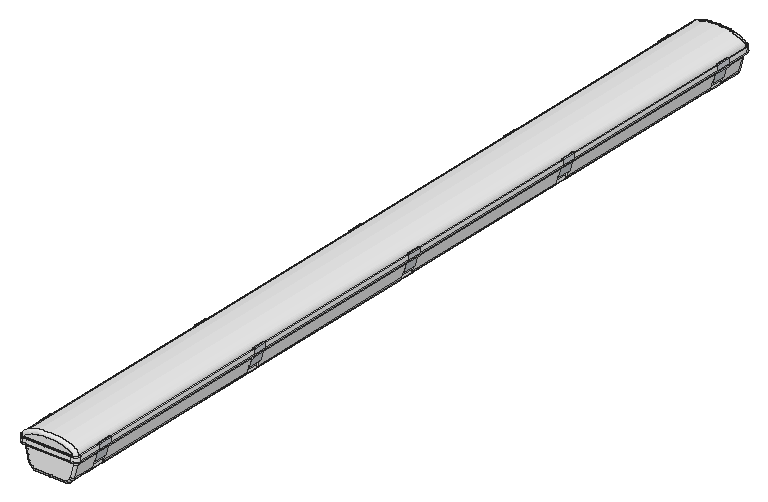
Revit family "0048808 Sylvania Lighting Fixture HYDROPROOF LED G3 1500MM T 4K D E3", category Lighting Fixtures, host Face, Revit 2016
Family settings
  Host = Face
  Part Type = Normal
  Round Connector Dimension = Use Diameter
  OmniClass Number = 23.80.70.11.14
  OmniClass Title = General Luminaries, Directional
  Cut with Voids When Loaded = No
  Light Source = Yes
  Shared = No
  Room Calculation Point = No
Parameters (values of type "0048808 HYDROPROOF LED G3 1500MM T 4K D E3")
  Width = 110 mm
  Weight = "2.97 kg"
  Wattage Comments = "n/a"
  Wattage = 49 W
  WarrantyStartDate [instance] = "n/a"
  WarrantyGuarantorParts = "n/a"
  WarrantyDurationUnit = "n/a"
  WarrantyDurationParts = "n/a"
  WarrantyDescription = "n/a"
  built-in parameter 1150110 = 1 (stored number, unit not read)
  Voltage = 230 V
  URL = "http://www.sylvania-lighting.com"
  TypeName = "HYDROPROOF LED G3 1500MM T 4K D E3"
  Type Image = <None>
  Type Comments = "n/a"
  built-in parameter 1114217 = 1 (stored number, unit not read)
  Tilt Angle = -90.00°
  built-in parameter 1150109 = 1 (stored number, unit not read)
  built-in parameter 1150134 = 12
  built-in parameter 1150113 = 1 (stored number, unit not read)
  SerialNumber [instance] = "n/a"
  ReflectorMaterial = none
  PowerFactor = 0
  PowerConsumption = "49 W"
  Photometric Web File = "0048808.ies"
  NominalWidth = 0 mm
  NominalLength = 1578 mm
  NominalHeight = 78 mm
  Name = "HYDROPROOF LED G3 1500MM T 4K D E3"
  ModelReference = "HYDROPROOF LED G3 1500MM T 4K D E3"
  ModelNumber = "0048808"
  Model = "HYDROPROOF LED G3 1500MM T 4K D E3"
  Material = "grp housing, pmma diffuser"
  ManufacturerName = "Feilo Sylvania"
  Manufacturer = "Feilo Sylvania"
  LuminousEfficacy = "140 lm/W"
  built-in parameter 1150105 = 545.9 (stored number, unit not read)
  Lumens = 6860 lm
  LuminaireType = ""
  built-in parameter 1150115 = 1 (stored number, unit not read)
  LightOutputRatio = "n/a"
  built-in parameter 1150137 = (empty or 0)
  built-in parameter 1150139 = (empty or 0)
  Length = 1572 mm
  LampsType = Lamp  # "LED"
  LampNominalLuminous = "6900 lm"
  LampMacAdamStep = "3"
  LampColourTemperature = "4000 K"
  LampColourRenderingIndex = "80"
  built-in parameter 1150112 = 1 (stored number, unit not read)
  built-in parameter 1150114 = 1 (stored number, unit not read)
  Lamp = "LED"
  Keynote = "16500"
  InstallationDate [instance] = "n/a"
  InputVoltage = "220-240V~"
  InputNominalFrequency = "DC/50/60 Hz"
  built-in parameter 1150132 = (empty or 0)
  built-in parameter 1150102 = (empty or 0)
  built-in parameter 1150107 = 4000 (stored number, unit not read)
  built-in parameter 1150138 = (empty or 0)
  IngressProtection = "IP65"
  ImpactProtectionIndex = "IK02"
  built-in parameter 1150106 = 5.459 (stored number, unit not read)
  IfcExportType = "IfcLightFixtureType"
  IfcExportAs = "IfcLightFixtureType"
  ExpectedLife = 50000
  Emit from Rectangle Width = Width - 20 mm  # 90 mm
  Emit from Rectangle Length = Length - 20 mm  # 1552 mm
  Emit Shape Visible in Rendering = no
  ElectricShockClassification = "Class I"
  built-in parameter 1150104 = 13.006 (stored number, unit not read)
  DurationUnit = "hours"
  DocumentationLiterature = "http://www.sylvania-lighting.com/product/en-int/products/0048808"
  DimmingControlOptions = "Dimmable"
  Dimming Lamp Color Temperature Shift = <None>
  DiffuserMaterial = Diffuser-Sylvania-Transparent
  Description = "Hydroproof, integrated LED chemical resistant weatherproof luminaire, with UV stabilized flat diffuser and linear prisms designed to achieve uniform lit appearance, optimise light output and to reduce glare, stainless steel diffuser clips and fixing brackets for surface and wall mounting. L 1578 mm x W 110 mm x H 78 mm size, GRP housing, PMMA diffuser, DALI dimmable, 3 hour emergency, 4000K, CRI80,  6900 lm, 49 W, 140 lm/W, nominal average life (h):50000, energy class: A++ A+ A Class I,IK02, IP65."
  Default Elevation = 1219.2 mm
  CreatedOn = "3/27/2018"
  CreatedBy = "aron.fodor@feilosylvania.com"
  Cost = 0
  Color Filter = 16777215
  built-in parameter 1114216 [instance] = (empty or 0)
  ClassificationValue = "EF_70_80"
  ClassificationName = "Uniclass2015"
  BodyMaterial = Body-Sylvania-Gray
  BarCode [instance] = "n/a"
  built-in parameter 1114218 = 1 (stored number, unit not read)
  built-in parameter 1150133 = 10 (stored number, unit not read)
  AssetType = "Fixed"
  AssetIdentifier [instance] = "n/a"
  Assembly Code = "D5020200"
  Apparent Load = 49 VA
  AccessoryMaterial = Diffuser-Sylvania-Glow
Types (2, lengths in mm): name | Wattage | PowerConsumption | Photometric Web File | built-in parameter 1150105 | Lumens | LampNominalLuminous | built-in parameter 1150106 | Apparent Load
  0048808 HYDROPROOF LED G3 1500MM T 4K D E3 | 49 W | "49 W" | "0048808.ies" | 545.9 (stored number, unit not read) | 6860 lm | "6900 lm" | 5.459 (stored number, unit not read) | 49 VA
  0048808 HYDROPROOF LED G3 1500MM T 4K D E3 Emergency mode | 1.64286 W | "1.64 W" | "0048808EM.ies" | 18.303 (stored number, unit not read) | 230 lm | "230 lm" | 0.18303 (stored number, unit not read) | 1.64286 VA
Reference planes
  plane 1 "Center (Front/Back)": y = 0
  plane 2: z = 0
  plane 3 "Center (Left/Right)": x = 0
  plane 4: z = 54
  plane 5: x = -27.7
  plane 6: x = -34.8
  plane 7: x = -39.6
  plane 8: x = -42.2
  plane 9: z = 3
  plane 10: z = 7.8
  plane 11: z = 12.3
  plane 12: z = 36.6
  plane 13: z = 42.8
  plane 14: x = -51.1
  plane 15: z = 46.2
  plane 16: x = -55
  plane 17: y = 786
  plane 18: y = -786
  plane 19: x = 27.7
  plane 20: x = 34.8
  plane 21: x = 39.6
  plane 22: x = 42.2
  plane 23: x = 51.1
  plane 24: x = 55
  plane 25: y = 778.4
  plane 26: y = -778.4
  plane 27: y = -774.7
  plane 28: y = 774.7
  plane 29: z = 74
  plane 30: x = -51.5
  plane 31: x = 51.5
  plane 32: z = 55.2
  plane 33: y = -782.5
  plane 34: y = 782.5
  plane 35: x = -37.5
  plane 36: x = 37.5
  plane 37: x = -48.7
  plane 38: x = 48.7
  plane 39: x = 18
  plane 40: x = -18
  plane 41: z = 50.2
  plane 42: z = 24.6
  plane 43: y = 720
  plane 44: y = 706
  plane 45: y = 734
  plane 46: y = -720
  plane 47: y = 720
  plane 48: y = 706
  plane 49: y = 734
  plane 50: y = -720
  plane 51: y = -734
  plane 52: y = -706
  plane 53: y = 360
  plane 54: y = 346
  plane 55: y = 374
  plane 56: y = 0
  plane 57: y = -14
  plane 58: y = 14
  plane 59: y = -360
  plane 60: y = -374
  plane 61: y = -346
Forms (mm)
  Sweep 1, solid, material "Body-Sylvania-Gray" <- "BodyMaterial", detail levels medium+fine
    path origin (1223.4, -4572, 54) x (0, -1, 0) y (1, 0, 0)
      loop
        arc (-3796, -1278.4) -> (-3788.929, -1275.471) -> (-3786, -1268.4) r 10
        line (-3786, -1268.4) -> (-3786, -1178.4)
        arc (-3786, -1178.4) -> (-3788.929, -1171.329) -> (-3796, -1168.4) r 10
        line (-3796, -1168.4) -> (-5348, -1168.4)
        arc (-5348, -1168.4) -> (-5355.071, -1171.329) -> (-5358, -1178.4) r 10
        line (-5358, -1178.4) -> (-5358, -1268.4)
        arc (-5358, -1268.4) -> (-5355.071, -1275.471) -> (-5348, -1278.4) r 10
        line (-5348, -1278.4) -> (-3796, -1278.4)
    profile origin (-55, 0, 54) x (-1, 0, 0) y (0, 0, 1)
      loop
        line (0, 0) -> (-1, 0) -> (-1, -7.726)
        arc (-1, -7.726) -> (-1.994, -9.498) -> (-3.9, -10.2) r 2.937
        line (-3.9, -10.2) -> (-8.571, -10.2) -> (-8.571, -11.2) -> (-3.9, -11.2)
        arc (-3.9, -11.2) -> (-1.313, -10.231) -> (0, -7.8) r 3.937
        line (0, -7.8) -> (0, 0)
  Sweep 2, solid, material "Body-Sylvania-Gray" <- "BodyMaterial", detail levels medium+fine
    path origin (0, 0, 0) x (1, 0, 0) y (0, 0, 1)
      loop
        line (48.7, 42.8) -> (48.7, 36.6) -> (42.203, 12.31)
        arc (42.203, 12.31) -> (41.199, 9.884) -> (39.6, 7.8) r 10.052
        line (39.6, 7.8) -> (34.8, 3)
        arc (34.8, 3) -> (31.554, 0.781) -> (27.7, 0) r 9.902
        line (27.7, 0) -> (0, 0) -> (-27.7, 0)
        arc (-27.7, 0) -> (-31.554, 0.781) -> (-34.8, 3) r 9.902
        line (-34.8, 3) -> (-39.6, 7.8)
        arc (-39.6, 7.8) -> (-41.199, 9.884) -> (-42.203, 12.31) r 10.052
        line (-42.203, 12.31) -> (-48.7, 36.6) -> (-48.7, 42.8)
    profile origin (0, 0, 0) x (0, 0, -1) y (0, -1, 0)
      loop
        arc (0, 773.4) -> (-1.464, 776.936) -> (-5, 778.4) r 5
        line (-5, 778.4) -> (-7.8, 778.4) -> (-7.8, -778.4) -> (-5, -778.4)
        arc (-5, -778.4) -> (-1.464, -776.936) -> (0, -773.4) r 5
        line (0, -773.4) -> (0, 773.4)
  Extrusion 3, solid, material "Body-Sylvania-Gray" <- "BodyMaterial", detail levels medium+fine
    sketch origin (1524, 778.4, 1219.2) x (1, 0, 0) y (0, 0, 1)
      loop
        arc (-1558.668, -1204.874) -> (-1558.443, -1205.418) -> (-1558.085, -1205.885) r 2.252
        line (-1558.085, -1205.885) -> (-1553.231, -1210.738)
        arc (-1553.231, -1210.738) -> (-1552.534, -1211.227) -> (-1551.7, -1211.4) r 2.102
        line (-1551.7, -1211.4) -> (-1496.3, -1211.4)
        arc (-1496.3, -1211.4) -> (-1495.466, -1211.227) -> (-1494.769, -1210.738) r 2.102
        line (-1494.769, -1210.738) -> (-1489.915, -1205.885)
        arc (-1489.915, -1205.885) -> (-1489.557, -1205.418) -> (-1489.332, -1204.874) r 2.252
        line (-1489.332, -1204.874) -> (-1483.1, -1181.575) -> (-1483.1, -1176.4) -> (-1564.9, -1176.4) -> (-1564.9, -1181.575) -> (-1558.668, -1204.874)
    from 0 to 1556.8
  Sweep 4, solid, material "Diffuser-Sylvania-Transparent" <- "DiffuserMaterial", detail levels medium+fine
    path origin (0, 0, 0) x (1, 0, 0) y (0, 0, 1)
      loop
        spline (-51.5, 55.2) -> (-49.745, 60.066) -> (-44.6, 64.6) -> (-36.416, 68.494) -> (-25.75, 71.481) -> (-13.329, 73.359) -> (0, 74) -> (13.329, 73.359) -> (25.75, 71.481) -> (36.416, 68.494) -> (44.6, 64.6) -> (49.745, 60.066) -> (51.5, 55.2)
    profile origin (51.5, 0, 55.2) x (0, -1, 0) y (1, 0, 0)
      loop
        arc (782.5, -5.5) -> (780.889, -1.611) -> (777, 0) r 5.5
        line (777, 0) -> (-777, 0)
        arc (-777, 0) -> (-780.889, -1.611) -> (-782.5, -5.5) r 5.5
        line (-782.5, -5.5) -> (-782.5, -6.3) -> (-781.5, -6.3) -> (-781.5, -5.5)
        arc (-781.5, -5.5) -> (-780.182, -2.318) -> (-777, -1) r 4.5
        line (-777, -1) -> (777, -1)
        arc (777, -1) -> (780.182, -2.318) -> (781.5, -5.5) r 4.5
        line (781.5, -5.5) -> (781.5, -6.347) -> (782.5, -6.347) -> (782.5, -5.5)
  Extrusion 5, solid, material "Diffuser-Sylvania-Transparent" <- "DiffuserMaterial", detail levels medium+fine
    sketch origin (1524, -782.5, 1219.2) x (1, 0, 0) y (0, 0, 1)
      loop
        line (-1569.653, -1164) -> (-1478.347, -1164)
        spline (-1478.347, -1164) -> (-1478.969, -1162.594) -> (-1482.527, -1159.545) -> (-1489.588, -1156.201) -> (-1499.458, -1153.445) -> (-1511.242, -1151.663) -> (-1524, -1151.049) -> (-1536.758, -1151.663) -> (-1548.542, -1153.445) -> (-1558.412, -1156.201) -> (-1565.473, -1159.545) -> (-1569.031, -1162.594) -> (-1569.653, -1164)
    from 0 to -1
  Extrusion 6, solid, material "Diffuser-Sylvania-Transparent" <- "DiffuserMaterial", detail levels medium+fine
    sketch origin (1524, 782.5, 1219.2) x (1, 0, 0) y (0, 0, 1)
      loop
        spline (-1478.3, -1164) -> (-1478.931, -1162.565) -> (-1482.502, -1159.505) -> (-1489.572, -1156.155) -> (-1499.446, -1153.394) -> (-1511.236, -1151.614) -> (-1524, -1151.007) -> (-1536.764, -1151.614) -> (-1548.554, -1153.394) -> (-1558.428, -1156.155) -> (-1565.498, -1159.505) -> (-1569.069, -1162.565) -> (-1569.7, -1164)
        line (-1569.7, -1164) -> (-1478.3, -1164)
    from 0 to 1
  Extrusion 7, solid, material "Diffuser-Sylvania-Transparent" <- "DiffuserMaterial", detail levels medium+fine
    sketch origin (1223.4, -4572, 55.2) x (0, -1, 0) y (-1, 0, 0)
      loop
        arc (-5353.5, 1177.4) -> (-5352.182, 1174.218) -> (-5349, 1172.9) r 4.5
        line (-5349, 1172.9) -> (-3795, 1172.9)
        arc (-3795, 1172.9) -> (-3791.818, 1174.218) -> (-3790.5, 1177.4) r 4.5
        line (-3790.5, 1177.4) -> (-3790.5, 1269.4)
        arc (-3790.5, 1269.4) -> (-3791.818, 1272.582) -> (-3795, 1273.9) r 4.5
        line (-3795, 1273.9) -> (-5349, 1273.9)
        arc (-5349, 1273.9) -> (-5352.182, 1272.582) -> (-5353.5, 1269.4) r 4.5
        line (-5353.5, 1269.4) -> (-5353.5, 1177.4)
      loop
        line (-5358, 1268.4) -> (-5358, 1178.4)
        arc (-5358, 1178.4) -> (-5355.071, 1171.329) -> (-5348, 1168.4) r 10
        line (-5348, 1168.4) -> (-3796, 1168.4)
        arc (-3796, 1168.4) -> (-3788.929, 1171.329) -> (-3786, 1178.4) r 10
        line (-3786, 1178.4) -> (-3786, 1268.4)
        arc (-3786, 1268.4) -> (-3788.929, 1275.471) -> (-3796, 1278.4) r 10
        line (-3796, 1278.4) -> (-5348, 1278.4)
        arc (-5348, 1278.4) -> (-5355.071, 1275.471) -> (-5358, 1268.4) r 10
    from 0 to 1.2
  Extrusion 8, solid, material "Diffuser-Sylvania-Glow" <- "AccessoryMaterial", detail levels fine
    sketch origin (0, 0, 0) x (1, 0, 0) y (0, 0, 1)
      loop
        circle (-18, 50.2) r 8
      loop
        circle (18, 50.2) r 8
    from -774.7 to 774.7
  Extrusion 9, void
    sketch origin (0, 720, 2343.807) x (0, 0, -1) y (-1, 0, 0)
      loop
        line (2340.807, -37.5) -> (2331.507, -37.5) -> (2319.207, -42.2) -> (2319.207, -48.7) -> (2340.807, -48.7) -> (2340.807, -37.5)
      loop
        line (2340.807, 37.5) -> (2340.807, 48.7) -> (2319.207, 48.7) -> (2319.207, 42.2) -> (2331.507, 37.5) -> (2340.807, 37.5)
    from -14 to 14
  Extrusion 10, solid, material "Body-Sylvania-Gray" <- "BodyMaterial", detail levels coarse
    sketch origin (0, 0, 0) x (1, 0, 0) y (0, 0, 1)
      loop
        line (55, 42.8) -> (55, 55.2) -> (-55, 55.2) -> (-55, 42.791) -> (-42.2, 0) -> (42.2, 0) -> (55, 42.8)
    from -786 to 786
  Extrusion 11, solid, material "Diffuser-Sylvania-Transparent" <- "DiffuserMaterial", detail levels coarse
    sketch origin (0, 0, 0) x (1, 0, 0) y (0, 0, 1)
      loop
        arc (51.5, 55.2) -> (0, 74) -> (-51.5, 55.2) r 79.939
        line (-51.5, 55.2) -> (51.5, 55.2)
    from 778.4 to -778.4
  Extrusion 12, void, not visible
    sketch origin (0, 720, 2343.807) x (0, 0, -1) y (-1, 0, 0)
      loop
        line (2340.807, -37.5) -> (2331.507, -37.5) -> (2319.207, -42.2) -> (2319.207, -48.7) -> (2340.807, -48.7) -> (2340.807, -37.5)
      loop
        line (2340.807, 37.5) -> (2340.807, 48.7) -> (2319.207, 48.7) -> (2319.207, 42.2) -> (2331.507, 37.5) -> (2340.807, 37.5)
    from -14 to 14
  Extrusion 13, void
    sketch origin (0, -720, 2343.807) x (0, 0, -1) y (-1, 0, 0)
      loop
        line (2340.807, -37.5) -> (2331.507, -37.5) -> (2319.207, -42.2) -> (2319.207, -48.7) -> (2340.807, -48.7) -> (2340.807, -37.5)
      loop
        line (2340.807, 37.5) -> (2340.807, 48.7) -> (2319.207, 48.7) -> (2319.207, 42.2) -> (2331.507, 37.5) -> (2340.807, 37.5)
    from -14 to 14
  Extrusion 14, void
    sketch origin (0, 360, 2343.807) x (0, 0, -1) y (-1, 0, 0)
      loop
        line (2340.807, -37.5) -> (2331.507, -37.5) -> (2319.207, -42.2) -> (2319.207, -48.7) -> (2340.807, -48.7) -> (2340.807, -37.5)
      loop
        line (2340.807, 37.5) -> (2340.807, 48.7) -> (2319.207, 48.7) -> (2319.207, 42.2) -> (2331.507, 37.5) -> (2340.807, 37.5)
    from -14 to 14
  Extrusion 15, void
    sketch origin (0, 0, 2343.807) x (0, 0, -1) y (-1, 0, 0)
      loop
        line (2340.807, -37.5) -> (2331.507, -37.5) -> (2319.207, -42.2) -> (2319.207, -48.7) -> (2340.807, -48.7) -> (2340.807, -37.5)
      loop
        line (2340.807, 37.5) -> (2340.807, 48.7) -> (2319.207, 48.7) -> (2319.207, 42.2) -> (2331.507, 37.5) -> (2340.807, 37.5)
    from -14 to 14
  Extrusion 16, void
    sketch origin (0, -360, 2343.807) x (0, 0, -1) y (-1, 0, 0)
      loop
        line (2340.807, -37.5) -> (2331.507, -37.5) -> (2319.207, -42.2) -> (2319.207, -48.7) -> (2340.807, -48.7) -> (2340.807, -37.5)
      loop
        line (2340.807, 37.5) -> (2340.807, 48.7) -> (2319.207, 48.7) -> (2319.207, 42.2) -> (2331.507, 37.5) -> (2340.807, 37.5)
    from -14 to 14
Cuts and joins
  Extrusion 9, Extrusion 13, Extrusion 14, Extrusion 15, Extrusion 16 cuts Sweep 2
  Extrusion 13, Extrusion 14, Extrusion 15, Extrusion 16 cuts Extrusion 3
  joined: Sweep 2, Extrusion 3
  joined: Sweep 4, Extrusion 5, Extrusion 6
Dimensions and locks
  locked: plane 4 to plane 2 at 54
  plane 5 to plane 6 to plane 7 to plane 8 to plane 14 to plane 16 = 7.1 mm locked, 4.8 mm locked, 2.6 mm locked, 8.9 mm, 3.9 mm
  plane 4 to plane 15 to plane 13 to plane 12 to plane 11 to plane 10 to plane 9 = 7.8 mm locked, 3.4 mm, 6.2 mm locked, 24.3 mm locked, 4.5 mm locked, 4.8 mm locked
  equal spacing: plane 18, plane 1 "Center (Front/Back)", plane 17
  "Length": plane 18 to plane 17
  plane 19 to plane 20 to plane 21 to plane 22 to plane 23 to plane 24 = 7.1 mm locked, 4.8 mm locked, 2.6 mm locked, 8.9 mm, 3.9 mm
  equal spacing: plane 24, plane 3 "Center (Left/Right)", plane 16
  "Width": plane 24 to plane 16
  equal spacing: plane 27, plane 1 "Center (Front/Back)", plane 28
  locked: plane 26 to plane 27 at 3.7
  locked: Sweep 1 sketch curve to profile plane at 1
  locked: Sweep 1 sketch curve to plane 13 at 1
  locked: Sweep 1 sketch curve to plane 13 at 3.937  (x2)
  locked: Sweep 1 sketch curve to profile plane at 3.9  (x2)
  locked: plane 29 to plane 4 at 20
  equal spacing: plane 31, plane 3 "Center (Left/Right)", plane 30
  locked: plane 30 to plane 16 at 3.5
  locked: plane 32 to plane 4 at 1.2
  equal spacing: plane 33, plane 1 "Center (Front/Back)", plane 34
  equal spacing: plane 36, plane 3 "Center (Left/Right)", plane 35
  locked: plane 3 "Center (Left/Right)" to plane 35 at 37.5
  locked: plane 34 to plane 17 at 3.5
  equal spacing: plane 38, plane 3 "Center (Left/Right)", plane 37
  locked: plane 37 to plane 16 at 6.3
  equal spacing: plane 25, plane 1 "Center (Front/Back)", plane 26
  locked: plane 17 to plane 25 at 7.6
  locked: Sweep 2 sketch curve to plane 2 at 5  (x2)
  locked: Sweep 2 sketch curve to plane 26 at 5
  locked: plane 25 to Sweep 2 sketch curve at 5
  locked: Sweep 4 sketch curve to plane 31 at 5.5  (x2)
  locked: Sweep 4 sketch curve to plane 34 at 5.5
  plane 33 to Sweep 4 sketch curve = 5.5 mm
  locked: plane 34 to Sweep 4 sketch curve at 1
  locked: Sweep 4 sketch curve to plane 31 at 1
  locked: Sweep 4 sketch curve to Sweep 4 sketch curve at 1
  locked: Sweep 4 sketch curve to plane 31 at 6.347
  locked: Sweep 4 sketch curve to plane 31 at 6.3
  equal spacing: plane 39, plane 3 "Center (Left/Right)", plane 40
  locked: plane 3 "Center (Left/Right)" to plane 40 at 18
  locked: plane 42 to plane 2 at 24.6
  plane 45 to plane 43 to plane 44 = 14 mm locked, 14 mm locked
  locked: plane 17 to plane 43 at 66
  equal spacing: plane 43, plane 1 "Center (Front/Back)", plane 46
  plane 49 to plane 47 to plane 48 = 14 mm locked, 14 mm locked
  plane 52 to plane 50 to plane 51 = 14 mm locked, 14 mm locked  (x2)
  equal spacing: group 1, group 6, group 7, group 8, group 5  (x2)
  equal spacing: group 5, group 8, group 7, group 6, group 1
  plane 55 to plane 53 to plane 54 = 14 mm locked, 14 mm locked  (x2)
  plane 58 to plane 56 to plane 57 = 14 mm locked, 14 mm locked  (x2)
  plane 61 to plane 59 to plane 60 = 14 mm locked, 14 mm locked  (x2)
  plane 43 to plane 53 to plane 1 "Center (Front/Back)" to plane 59 to plane 50 = 360 mm locked, 360 mm locked, 360 mm locked, 360 mm locked
  aligned and locked: plane 2 to host face
  aligned and locked: level to host face
  aligned and locked: plane 16 to Sweep 1 sketch curve
  aligned and locked: Sweep 1 sketch curve to plane 24
  aligned and locked: plane 18 to Sweep 1 sketch curve
  aligned and locked: Sweep 1 sketch curve to plane 13
  aligned and locked: profile plane to Sweep 1 sketch curve
  aligned and locked: plane 3 "Center (Left/Right)" to Sweep 2 sketch curve
  aligned and locked: plane 9 to Sweep 2 sketch curve
  aligned and locked: plane 10 to Sweep 2 sketch curve
  aligned and locked: plane 37 to Sweep 2 sketch curve
  aligned and locked: plane 12 to Sweep 2 sketch curve
  aligned and locked: Sweep 2 sketch curve to level
  aligned and locked: plane 21 to Sweep 2 sketch curve
  aligned and locked: plane 38 to Sweep 2 sketch curve
  aligned and locked: profile plane to Sweep 2 sketch curve
  aligned and locked: plane 25 to Sweep 2 sketch curve
  aligned and locked: Sweep 2 sketch curve to plane 10
  aligned and locked: Extrusion 3 sketch curve to Sweep 2  (x7)
  aligned and locked: Sweep 2 to Extrusion 3 sketch curve
  aligned and locked: Extrusion 3 to plane 25
  aligned and locked: plane 26 to Extrusion 3
  aligned and locked: plane 32 to Sweep 4 sketch curve
  aligned and locked: plane 33 to Sweep 4 sketch curve
  aligned and locked: Sweep 4 to Extrusion 5
  aligned and locked: plane 33 to Extrusion 5
  aligned and locked: Extrusion 5 sketch curve to Sweep 4
  aligned and locked: cut or joined group of Sweep 4, Extrusion 5, Extrusion 6 to Extrusion 6 sketch curve
  aligned and locked: Extrusion 7 sketch curve to cut or joined group of Sweep 4, Extrusion 5, Extrusion 6  (x2)
  aligned and locked: cut or joined group of Sweep 4, Extrusion 5, Extrusion 6 to Extrusion 7 sketch curve  (x2)
  aligned and locked: plane 41 to Extrusion 8 sketch curve  (x2)
  aligned and locked: plane 39 to Extrusion 8 sketch curve
  aligned and locked: plane 27 to Extrusion 8
  aligned and locked: Extrusion 8 to plane 28
  aligned and locked: Extrusion 9 to plane 42
  aligned and locked: plane 9 to Extrusion 9
  aligned and locked: plane 44 to Extrusion 9
  aligned and locked: Extrusion 9 to plane 45
  aligned and locked: Extrusion 7 sketch curve to Sweep 1  (x4)
  aligned and locked: plane 4 to Extrusion 7
  aligned and locked: Extrusion 7 to plane 32
  aligned and locked: nested 2 to plane 43
  aligned and locked: plane 43 to nested 1
  aligned and locked: Extrusion 10 sketch curve to plane 24
  aligned and locked: Extrusion 10 sketch curve to Extrusion 7
  aligned and locked: plane 8 to Extrusion 10 sketch curve
  aligned and locked: plane 22 to Extrusion 10 sketch curve
  aligned and locked: level to Extrusion 10 sketch curve
  aligned and locked: Extrusion 10 to plane 17
  aligned and locked: plane 18 to Extrusion 10
  aligned and locked: cut or joined group of Sweep 4, Extrusion 5, Extrusion 6 to Extrusion 11 sketch curve
  aligned and locked: Extrusion 11 sketch curve to cut or joined group of Sweep 4, Extrusion 5, Extrusion 6  (x2)
  aligned and locked: plane 31 to Extrusion 11 sketch curve
  aligned and locked: plane 30 to Extrusion 11 sketch curve
  aligned and locked: plane 26 to Extrusion 11
  aligned and locked: Extrusion 11 to plane 25
  aligned and locked: imposter light to plane 29
  aligned and locked: plane 3 "Center (Left/Right)" to imposter light
  aligned and locked: plane 1 "Center (Front/Back)" to imposter light
  aligned and locked: plane 51 to Extrusion 13
  aligned and locked: Extrusion 13 to plane 52
  aligned and locked: plane 54 to Extrusion 14
  aligned and locked: Extrusion 14 to plane 55
  aligned and locked: plane 57 to Extrusion 15
  aligned and locked: Extrusion 15 to plane 58
  aligned and locked: plane 60 to Extrusion 16
  aligned and locked: Extrusion 16 to plane 61
  aligned and locked: nested 3 to plane 53
  aligned and locked: plane 53 to nested 10
  aligned and locked: nested 4 to plane 56
  aligned and locked: plane 56 to nested 9
  aligned and locked: nested 5 to plane 59
  aligned and locked: plane 59 to nested 8
  aligned and locked: nested 6 to plane 50
  aligned and locked: plane 50 to nested 7
Automatic sketch dimensions
  host sketch curve to host sketch curve = 2438.4 mm  (x2)
  plane 17 to Sweep 1 sketch curve = 0 mm
  Sweep 1 sketch curve to plane 28 = 1.3 mm
  Sweep 1 sketch curve to plane 7 = 5.4 mm
  plane 27 to Sweep 1 sketch curve = 1.3 mm  (x2)
  Sweep 1 sketch curve to Sweep 1 sketch curve = 4.671 mm
  Sweep 1 sketch curve to plane 4 = 0 mm
  Sweep 2 sketch curve to plane 7 = 0 mm
  Sweep 2 sketch curve to plane 6 = 0 mm
  Sweep 2 sketch curve to plane 5 = 0 mm
  plane 19 to Sweep 2 sketch curve = 0 mm
  Sweep 2 sketch curve to plane 9 = 0 mm
  plane 20 to Sweep 2 sketch curve = 0 mm
  Sweep 2 sketch curve to plane 12 = 0 mm
  Sweep 2 sketch curve to plane 10 = 0 mm
  Sweep 2 sketch curve to plane 13 = 0 mm  (x2)
  Sweep 2 sketch curve to plane 8 = 0.003 mm
  plane 6 to Sweep 2 sketch curve = 2.308 mm
  plane 20 to Sweep 2 sketch curve = 2.308 mm
  Sweep 2 sketch curve to plane 22 = 0.003 mm
  Sweep 2 sketch curve to plane 11 = 0.01 mm  (x2)
  Extrusion 3 sketch curve to plane 5 = 0 mm
  plane 19 to Extrusion 3 sketch curve = 0 mm
  plane 6 to Extrusion 3 sketch curve = 0.132 mm
  plane 6 to Extrusion 3 sketch curve = 0.715 mm
  Extrusion 3 sketch curve to Extrusion 3 sketch curve = 1.592 mm
  Extrusion 3 sketch curve to plane 10 = 0.662 mm  (x2)
  plane 20 to Extrusion 3 sketch curve = 2.308 mm
  plane 20 to Extrusion 3 sketch curve = 0.715 mm
  plane 20 to Extrusion 3 sketch curve = 0.132 mm
  Sweep 4 sketch curve to plane 30 = 0 mm
  Sweep 4 sketch curve to plane 3 "Center (Left/Right)" = 0 mm
  Sweep 4 sketch curve to Sweep 4 sketch curve = 0 mm  (x2)
  plane 37 to Extrusion 5 sketch curve = 3.047 mm
  Extrusion 5 sketch curve to plane 38 = 3.047 mm
  plane 37 to Extrusion 6 sketch curve = 3 mm
  Extrusion 6 sketch curve to plane 38 = 3 mm
  plane 25 to Extrusion 7 sketch curve = 1.4 mm  (x2)
  Extrusion 7 sketch curve to plane 26 = 1.4 mm  (x2)
  Extrusion 8 sketch curve to plane 40 = 0 mm
  Extrusion 9 sketch curve to Extrusion 9 sketch curve = 0 mm
  Extrusion 9 sketch curve to Extrusion 9 sketch curve = 12.3 mm  (x2)
  Extrusion 9 sketch curve to Extrusion 9 sketch curve = 9.3 mm  (x2)
  Extrusion 9 sketch curve to Extrusion 9 sketch curve = 6.5 mm
  Extrusion 9 sketch curve to Extrusion 9 sketch curve = 4.7 mm  (x2)
  Extrusion 9 sketch curve to Extrusion 9 sketch curve = 75 mm
  Extrusion 9 sketch curve to Extrusion 9 sketch curve = 11.2 mm
  Extrusion 10 sketch curve to plane 13 = 0 mm
  plane 13 to Extrusion 10 sketch curve = 0.009 mm
  Extrusion 11 sketch curve to level = 5.939 mm
  Extrusion 10 sketch curve to plane 16 = 0 mm
  Extrusion 12 sketch curve to Extrusion 12 sketch curve = 0 mm
  Extrusion 12 sketch curve to Extrusion 12 sketch curve = 12.3 mm  (x2)
  Extrusion 12 sketch curve to Extrusion 12 sketch curve = 9.3 mm  (x2)
  Extrusion 12 sketch curve to Extrusion 12 sketch curve = 6.5 mm
  Extrusion 12 sketch curve to Extrusion 12 sketch curve = 4.7 mm  (x2)
  Extrusion 12 sketch curve to Extrusion 12 sketch curve = 75 mm
  Extrusion 12 sketch curve to Extrusion 12 sketch curve = 11.2 mm
  Extrusion 13 sketch curve to Extrusion 13 sketch curve = 0 mm
  Extrusion 13 sketch curve to Extrusion 13 sketch curve = 12.3 mm  (x2)
  Extrusion 13 sketch curve to Extrusion 13 sketch curve = 9.3 mm  (x2)
  Extrusion 13 sketch curve to Extrusion 13 sketch curve = 6.5 mm
  Extrusion 13 sketch curve to Extrusion 13 sketch curve = 4.7 mm  (x2)
  Extrusion 13 sketch curve to Extrusion 13 sketch curve = 75 mm
  Extrusion 13 sketch curve to Extrusion 13 sketch curve = 11.2 mm
  Extrusion 14 sketch curve to Extrusion 14 sketch curve = 0 mm
  Extrusion 14 sketch curve to Extrusion 14 sketch curve = 12.3 mm  (x2)
  Extrusion 14 sketch curve to Extrusion 14 sketch curve = 9.3 mm  (x2)
  Extrusion 14 sketch curve to Extrusion 14 sketch curve = 6.5 mm
  Extrusion 14 sketch curve to Extrusion 14 sketch curve = 4.7 mm  (x2)
  Extrusion 14 sketch curve to Extrusion 14 sketch curve = 75 mm
  Extrusion 14 sketch curve to Extrusion 14 sketch curve = 11.2 mm
  Extrusion 15 sketch curve to Extrusion 15 sketch curve = 0 mm
  Extrusion 15 sketch curve to Extrusion 15 sketch curve = 12.3 mm  (x2)
  Extrusion 15 sketch curve to Extrusion 15 sketch curve = 9.3 mm  (x2)
  Extrusion 15 sketch curve to Extrusion 15 sketch curve = 6.5 mm
  Extrusion 15 sketch curve to Extrusion 15 sketch curve = 4.7 mm  (x2)
  Extrusion 15 sketch curve to Extrusion 15 sketch curve = 75 mm
  Extrusion 15 sketch curve to Extrusion 15 sketch curve = 11.2 mm
  Extrusion 16 sketch curve to Extrusion 16 sketch curve = 0 mm
  Extrusion 16 sketch curve to Extrusion 16 sketch curve = 12.3 mm  (x2)
  Extrusion 16 sketch curve to Extrusion 16 sketch curve = 9.3 mm  (x2)
  Extrusion 16 sketch curve to Extrusion 16 sketch curve = 6.5 mm
  Extrusion 16 sketch curve to Extrusion 16 sketch curve = 4.7 mm  (x2)
  Extrusion 16 sketch curve to Extrusion 16 sketch curve = 75 mm
  Extrusion 16 sketch curve to Extrusion 16 sketch curve = 11.2 mm
  radius of Extrusion 8 sketch curve = 8 mm  (x2)
Nested families
  nested 1: "Clip" at (42.2, 720, 24.6), type "Clip", detail levels fine
  nested 2: "Clip" at (-42.2, 720, 24.6) x (-1, 0, 0) z (0, 0, 1), type "Clip", detail levels fine
  nested 3: "Clip" at (-42.2, 360, 24.6) x (-1, 0, 0) z (0, 0, 1), type "Clip", detail levels fine
  nested 4: "Clip" at (-42.2, 0, 24.6) x (-1, 0, 0) z (0, 0, 1), type "Clip", detail levels fine
  nested 5: "Clip" at (-42.2, -360, 24.6) x (-1, 0, 0) z (0, 0, 1), type "Clip", detail levels fine
  nested 6: "Clip" at (-42.2, -720, 24.6) x (-1, 0, 0) z (0, 0, 1), type "Clip", detail levels fine
  nested 7: "Clip" at (42.2, -720, 24.6), type "Clip", detail levels fine
  nested 8: "Clip" at (42.2, -360, 24.6), type "Clip", detail levels fine
  nested 9: "Clip" at (42.2, 0, 24.6), type "Clip", detail levels fine
  nested 10: "Clip" at (42.2, 360, 24.6), type "Clip", detail levels fine
Connectors
  electrical at (0, 0, 0), driven by "Apparent Load"
    settings: index 1, voltage 230 V, apparent load 49 VA, apparent load phase1 0 VA, apparent load phase2 0 VA, apparent load phase3 0 VA, power factor 0, load classification "Lighting", number of poles 1, system type 30, power factor state 1, is connector primary yes, connector utility no, sub classification motor no, connector description ""
Definition of nested family "Clip"
  Parameters (values of type "Clip")
    URL = "http://www.feilosylvania.com"
    Type Comments = "n/a"
    Model = "n/a"
    Manufacturer = "Feilo Sylvania"
    Keynote = "n/a"
    Description = "n/a"
    Default Elevation = 1219.2 mm
    Cost = 0
    BodyMaterial = none
    Assembly Code = "n/a"
  Reference planes
    plane 1 "Center (Front/Back)": y = 0
    plane 2: z = 0
    plane 3 "Center (Left/Right)": x = 0
    plane 4: x = 3.3
    plane 5: x = 6.5
    plane 6: x = 8.9
    plane 7: x = 12.8
    plane 8: z = 12
    plane 9: z = 18.2
    plane 10: z = 21.6
    plane 11: z = 30.6
    plane 12: x = 9.3
    plane 13: z = 19.2
    plane 14: z = 16.2
    plane 15: x = 10.1
    plane 16: y = 12
    plane 17: y = -12
  Forms (mm)
    Extrusion 1, solid
      sketch origin (-0.8, 0, 0) x (1, 0, 0) y (0, 1, 0)
        loop
          line (-1219.2, 1219.2) -> (-1219.2, -1219.2) -> (1219.2, -1219.2) -> (1219.2, 1219.2) -> (-1219.2, 1219.2)
      from 0 to -304.8
    Extrusion 2, solid
      sketch origin (0, 0, 0) x (1, 0, 0) y (0, 0, 1)
        loop
          line (8.9, 16.2) -> (4.58, 0) -> (0, 0) -> (0, -0.8) -> (5.195, -0.8) -> (9.603, 15.731) -> (13.6, 18.806) -> (13.6, 30.6)
          arc (13.6, 30.6) -> (11.45, 32.75) -> (9.3, 30.6) r 2.15
          line (9.3, 30.6) -> (10.1, 30.6)
          arc (10.1, 30.6) -> (11.45, 31.95) -> (12.8, 30.6) r 1.35
          line (12.8, 30.6) -> (12.8, 19.2) -> (8.9, 16.2)
      from -12 to 12
  Lines and regions (mm)
    reference lines
      curve 1: line (3.3, 0, 0) -> (6.5, 0, 12)
      curve 2: arc (8.9, 0, 18.2) -> (11.488, 0, 19.169) -> (12.8, 0, 21.6) r 3.934
  Dimensions and locks
    plane 7 to plane 6 to plane 5 to plane 4 to plane 3 "Center (Left/Right)" = 3.9 mm locked, 2.4 mm locked, 3.2 mm locked, 3.3 mm locked
    plane 11 to plane 10 to plane 9 to plane 8 to plane 2 = 9 mm locked, 3.4 mm locked, 6.2 mm locked, 12 mm locked
    locked: plane 7 to plane 12 at 3.5
    locked: plane 13 to plane 9 at 1
    locked: plane 9 to plane 14 at 2
    locked: plane 15 to plane 12 at 0.8
    locked: plane 2 to Extrusion 2 sketch curve at 0.8
    locked: Extrusion 2 sketch curve to Extrusion 2 sketch curve at 0.8  (x3)
    locked: plane 7 to Extrusion 2 sketch curve at 1.35
    equal spacing: plane 17, plane 1 "Center (Front/Back)", plane 16
    locked: plane 1 "Center (Front/Back)" to plane 16 at 12
    aligned and locked: plane 2 to Extrusion 1
    aligned and locked: level to Extrusion 1
    aligned and locked: plane 4 to curve 1
    aligned and locked: plane 5 to curve 1
    aligned and locked: plane 6 to curve 2
    aligned and locked: plane 10 to curve 2
    aligned and locked: plane 14 to Extrusion 2 sketch curve
    aligned and locked: plane 13 to Extrusion 2 sketch curve
    aligned and locked: plane 7 to Extrusion 2 sketch curve
    aligned and locked: plane 3 "Center (Left/Right)" to Extrusion 2 sketch curve
    aligned and locked: Extrusion 2 sketch curve to level
    aligned and locked: Extrusion 2 sketch curve to plane 11
    aligned and locked: plane 11 to Extrusion 2 sketch curve
    aligned and locked: Extrusion 2 to plane 16
    aligned and locked: plane 17 to Extrusion 2
  Automatic sketch dimensions
    Extrusion 1 sketch curve to Extrusion 1 sketch curve = 2438.4 mm  (x2)
    curve 2 to plane 7 = 0 mm
    curve 1 to level = 0 mm
    curve 1 to plane 8 = 0 mm
    curve 2 to plane 9 = 0 mm
    plane 6 to curve 2 = 0.002 mm
    Extrusion 2 sketch curve to Extrusion 2 sketch curve = 0 mm
    Extrusion 2 sketch curve to plane 6 = 0 mm
    plane 4 to Extrusion 2 sketch curve = 1.28 mm
